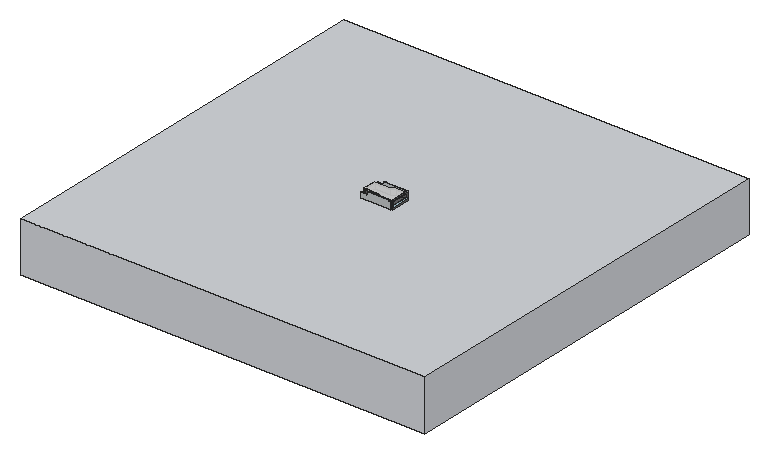
Revit family "Kit 0U pour fixation universelle", category Installations électriques, Revit 2020
Family settings
  Hôte = Face
  Conserver l'orientation des annotations = Non
  Cote de connecteur circulaire = Utiliser le diamètre
  Type d'élément = Normal
  Couper avec des vides une fois chargée = Non
  Partagée = Non
  Point de calcul de pièce = Non
Parameters
  avec SUPPORT D EPISSURE = yes
  Référence Legrand = "LG-032103"
  Position [instance] = if(Fixation avec équerres, 18 mm, 0 mm)  # 0 mm
  Modèle = "Kit zéro U"
  Longueur = 179 mm
  Lien e-catalogue = "https://www.legrand.fr/reference/032103/pro"
  Libellé BIM = "Panneau de brassage fibre optique haute densité"
  Largeur (mm) = 216 mm
  Hauteur (mm) = 64 mm
  Fonction = "Panneau de brassage fibre optique"
  Fixation avec équerres [instance] = no
  EAN = "3414971939509"
  Couleur = "Acier"
  Conditions Générale d'Utilisation = "https://export.legrand.com/CGU-objets-BIM"
  Fabricant = "LEGRAND"
  Default Elevation = 1219.2 mm
  Description = "Kit 0U pour fixation universelle"
  Classe d'application = "EC001130"
Reference planes
  plane 1 "Centre (avant/arrière)": y = 0
  plane 2: z = 0
  plane 3 "Centre (gauche/droite)": x = 0
  plane 4 "Position": z = 0
  plane 5: x = -89.5
  plane 6: x = 89.5
  plane 7: y = -61.5
  plane 8: y = 61.5
  plane 9: y = -108
  plane 10: y = 108
Forms (mm)
  Extrusion 1, solid
    sketch origin (0, 0, 0) x (1, 0, 0) y (0, 1, 0)
      loop
        line (-1219.2, 1219.2) -> (-1219.2, -1219.2) -> (1219.2, -1219.2) -> (1219.2, 1219.2) -> (-1219.2, 1219.2)
    from 0 to -304.8
  Extrusion 2, solid, material "LEGRAND - Acier"
    sketch origin (0, 0, 0) x (0, 1, 0) y (0, 0, 1)
      loop
        line (-61.5, 0) -> (61.5, 0) -> (61.5, 46) -> (59.5, 46) -> (59.5, 2) -> (-59.5, 2) -> (-59.5, 46) -> (-61.5, 46) -> (-61.5, 0)
    from -89.5 to 89.5
  Extrusion 3, void
    sketch origin (0, 0, 0) x (1, 0, 0) y (0, 0, 1)
      loop
        line (-89.5, 46) -> (-89.5, 30) -> (-50.5, 30) -> (-50.5, 46) -> (-89.5, 46)
    from -61.5 to 61.5
  Extrusion 4, solid, material "LEGRAND - Acier", visible <- "Fixation avec équerres"
    sketch origin (0, 0, 0) x (0, 1, 0) y (0, 0, 1)
      loop
        line (-71.5, 64) -> (-71.5, 18) -> (-61.5, 18) -> (-61.5, 64) -> (-71.5, 64)
      loop
        line (61.5, 64) -> (61.5, 18) -> (71.5, 18) -> (71.5, 64) -> (61.5, 64)
    from -23.5 to 69.5
  Extrusion 5, solid, material "LEGRAND - Acier", visible <- "Fixation avec équerres"
    sketch origin (0, 0, 0) x (0, 1, 0) y (0, 0, 1)
      loop
        line (-71.5, 64) -> (-73.5, 64) -> (-73.5, 2) -> (-108, 2) -> (-108, 0) -> (-71.5, 0) -> (-71.5, 64)
      loop
        line (71.5, 64) -> (71.5, 0) -> (108, 0) -> (108, 2) -> (73.5, 2) -> (73.5, 64) -> (71.5, 64)
    from -23.5 to 69.5
  Extrusion 6, void
    sketch origin (0, 0, 0) x (1, 0, 0) y (0, 1, 0)
      loop
        circle (0.829, 97.976) r 4
      loop
        circle (46.829, 97.976) r 4
      loop
        line (44.829, 86.265) -> (44.829, 82.065)
        arc (44.829, 82.065) -> (46.829, 80.065) -> (48.829, 82.065) r 2
        line (48.829, 82.065) -> (48.829, 86.265)
        arc (48.829, 86.265) -> (46.829, 88.265) -> (44.829, 86.265) r 2
      loop
        arc (2.829, 86.265) -> (0.829, 88.265) -> (-1.171, 86.265) r 2
        line (-1.171, 86.265) -> (-1.171, 82.065)
        arc (-1.171, 82.065) -> (0.829, 80.065) -> (2.829, 82.065) r 2
        line (2.829, 82.065) -> (2.829, 86.265)
      loop
        circle (0.829, -98.024) r 4
      loop
        circle (46.829, -98.024) r 4
      loop
        arc (44.829, -86.314) -> (46.829, -88.314) -> (48.829, -86.314) r 2
        line (48.829, -86.314) -> (48.829, -82.114)
        arc (48.829, -82.114) -> (46.829, -80.114) -> (44.829, -82.114) r 2
        line (44.829, -82.114) -> (44.829, -86.314)
      loop
        line (2.829, -86.314) -> (2.829, -82.114)
        arc (2.829, -82.114) -> (0.829, -80.114) -> (-1.171, -82.114) r 2
        line (-1.171, -82.114) -> (-1.171, -86.314)
        arc (-1.171, -86.314) -> (0.829, -88.314) -> (2.829, -86.314) r 2
    from 0 to 42.395
Cuts and joins
  Extrusion 3 cuts Extrusion 2
  Extrusion 6 cuts Extrusion 5
Dimensions and locks
  "Position": plane 4 "Position" to plane 2
  equal spacing: plane 5, plane 3 "Centre (gauche/droite)", plane 6
  plane 5 to plane 6 = 179 mm
  equal spacing: plane 7, plane 1 "Centre (avant/arrière)", plane 8
  plane 7 to plane 8 = 123 mm
  locked: Extrusion 2 sketch curve to Extrusion 2 sketch curve at 46
  locked: Extrusion 2 sketch curve to Extrusion 2 sketch curve at 2  (x3)
  locked: Extrusion 3 sketch curve to plane 4 "Position" at 30
  equal spacing: plane 9, plane 1 "Centre (avant/arrière)", plane 10
  "Largeur (mm)": plane 9 to plane 10
  locked: Extrusion 4 sketch curve to cut or joined group of Extrusion 2, Extrusion 3 at 10
  locked: cut or joined group of Extrusion 2, Extrusion 3 to Extrusion 4 sketch curve at 10
  locked: Extrusion 5 sketch curve to Extrusion 5 sketch curve at 2  (x2)
  locked: Extrusion 5 sketch curve to Extrusion 4 at 2
  locked: Extrusion 4 to Extrusion 5 sketch curve at 2
  locked: Extrusion 4 sketch curve to Extrusion 4 sketch curve at 46
  locked: cut or joined group of Extrusion 5, Extrusion 6 to plane 2 at 64
  aligned and locked: plane 2 to Extrusion 1
  aligned and locked: level to Extrusion 1
  aligned and locked: Extrusion 2 to plane 5
  aligned and locked: plane 6 to Extrusion 2
  aligned and locked: Extrusion 2 sketch curve to plane 4 "Position"
  aligned and locked: Extrusion 2 sketch curve to plane 8
  aligned and locked: Extrusion 2 sketch curve to plane 7
  aligned and locked: plane 5 to Extrusion 3 sketch curve
  aligned and locked: plane 8 to Extrusion 3
  aligned and locked: Extrusion 3 to plane 7
  aligned and locked: Extrusion 4 sketch curve to plane 7
  aligned and locked: plane 8 to Extrusion 4 sketch curve
  aligned and locked: plane 9 to Extrusion 5 sketch curve
  aligned and locked: plane 10 to Extrusion 5 sketch curve
  aligned and locked: nested 1 to plane 1 "Centre (avant/arrière)"
  aligned and locked: Extrusion 5 sketch curve to plane 2
  aligned and locked: plane 2 to Extrusion 5 sketch curve
  aligned and locked: cut or joined group of Extrusion 5, Extrusion 6 to Extrusion 4  (x2)
  aligned and locked: cut or joined group of Extrusion 5, Extrusion 6 to cut or joined group of Extrusion 5, Extrusion 6
  aligned and locked: Extrusion 4 sketch curve to Extrusion 4 sketch curve
Automatic sketch dimensions
  Extrusion 1 sketch curve to Extrusion 1 sketch curve = 2438.4 mm  (x2)
  Extrusion 2 sketch curve to Extrusion 2 sketch curve = 44 mm
  Extrusion 3 sketch curve to Extrusion 3 sketch curve = 39 mm
  Extrusion 5 sketch curve to Extrusion 5 sketch curve = 2 mm  (x2)
  Extrusion 3 sketch curve to Extrusion 3 sketch curve = 16 mm
  Extrusion 6 sketch curve to plane 3 "Centre (gauche/droite)" = 1.171 mm  (x2)
  plane 3 "Centre (gauche/droite)" to Extrusion 6 sketch curve = 0.829 mm  (x4)
  Extrusion 6 sketch curve to Extrusion 6 sketch curve = 42 mm  (x2)
  Extrusion 6 sketch curve to Extrusion 6 sketch curve = 2 mm  (x2)
  Extrusion 6 sketch curve to Extrusion 6 sketch curve = 0 mm  (x2)
  plane 9 to Extrusion 6 sketch curve = 9.976 mm  (x2)
  Extrusion 6 sketch curve to Extrusion 6 sketch curve = 11.71 mm  (x2)
  Extrusion 6 sketch curve to Extrusion 6 sketch curve = 4.2 mm  (x4)
  plane 8 to Extrusion 6 sketch curve = 20.565 mm  (x2)
  Extrusion 6 sketch curve to plane 10 = 10.024 mm  (x2)
  plane 4 "Position" to Extrusion 4 sketch curve = 64 mm
  plane 4 "Position" to Extrusion 5 sketch curve = 64 mm  (x2)
  plane 4 "Position" to Extrusion 4 sketch curve = 18 mm
  radius of Extrusion 6 sketch curve = 4 mm  (x4)
Nested families
  nested 1: "Cassette fibre optique à splicer pour panneau modulaire HD" at (89.5, 0, 2) x (0, 1, 0) z (0, 0, 1), type "Cassette fibre optique à splicer pour panneau modulaire HD"
Definition of nested family "Cassette fibre optique à splicer pour panneau modulaire HD"
  Parameters (values of type "IDS_FO_COIL_CASSET_HD_MODUL_PANEL")
    Manufacturer = "LEGRAND"
    Default Elevation = 1219.2 mm
    Description = "IDS_Fiber optic coiling cassette for HD modular panel"
  Reference planes
    plane 1 "Centre (avant/arrière)": y = 0
    plane 2: z = 0
    plane 3 "Centre (gauche/droite)": x = 0
  Forms (mm)
    Extrusion 1, solid
      sketch origin (0, 0, 0) x (1, 0, 0) y (0, 1, 0)
        loop
          line (-1219.2, 1219.2) -> (-1219.2, 0) -> (1219.2, 0) -> (1219.2, 1219.2) -> (-1219.2, 1219.2)
      from 0 to -304.8
    Extrusion 2, solid
      sketch origin (0, -6, 0) x (1, 0, 0) y (0, 1, 0)
        loop
          line (-40.459, 185) -> (-40.459, 87.623) -> (-55.15, 67.402) -> (-55.15, 0) -> (55.15, 0) -> (55.15, 67.402) -> (40.459, 87.623) -> (40.459, 185) -> (-40.459, 185)
      from 0 to 31.7
    Extrusion 3, solid
      sketch origin (0, -6, 31.7) x (1, 0, 0) y (0, 1, 0)
        loop
          line (-40.459, 185) -> (-40.459, 87.623) -> (-55.15, 67.402) -> (-55.15, 9) -> (55.15, 9) -> (55.15, 67.402) -> (40.459, 87.623) -> (40.459, 185) -> (-40.459, 185)
      from 0 to 9
    Extrusion 4, solid
      sketch origin (0, -6, 31.7) x (1, 0, 0) y (0, 1, 0)
        loop
          line (-55.15, 9) -> (-55.15, 0) -> (55.15, 0) -> (55.15, 9) -> (-55.15, 9)
      from 0 to 9
    Extrusion 5, void
      sketch origin (0, -6, 0) x (1, 0, 0) y (0, 1, 0)
        loop
          line (38.459, 183) -> (-38.459, 183) -> (-38.459, 86.974) -> (-53.15, 66.753) -> (-53.15, -10) -> (53.15, -10) -> (53.15, 66.753) -> (38.459, 86.974) -> (38.459, 183)
      from 4.525 to 38
    Extrusion 6, solid
      sketch origin (0, -5.6, 0) x (1, 0, 0) y (0, 1, 0)
        loop
          line (-53.15, -0.4) -> (53.15, -0.4) -> (53.15, 1.6) -> (-53.15, 1.6) -> (-53.15, -0.4)
      from 4.5 to 15
    Extrusion 7, solid
      sketch origin (0, 0, 0) x (1, 0, 0) y (0, 1, 0)
        loop
          line (-55.15, 0) -> (-55.15, -6) -> (55.15, -6) -> (55.15, 0) -> (-55.15, 0)
      from -3 to 0
  Cuts and joins
    Extrusion 5 cuts Extrusion 2
    Extrusion 5 cuts Extrusion 4
    joined: Extrusion 2, Extrusion 4, Extrusion 7
    Extrusion 5 cuts Extrusion 3
  Dimensions and locks
    aligned and locked: plane 2 to Extrusion 1
    aligned and locked: level to Extrusion 1
  Connectors
    electrical at (0, 179, 15.85)
      settings: on cut or joined group of Extrusion 2, Extrusion 4, Extrusion 5, Extrusion 7, index 1, voltage 0 V, apparent load 0 VA, apparent load phase1 0 VA, apparent load phase2 0 VA, apparent load phase3 0 VA, power factor 1, load classification none, number of poles 1, system type 31, power factor state 1, is connector primary yes, connector utility no, sub classification motor no, connector description ""
